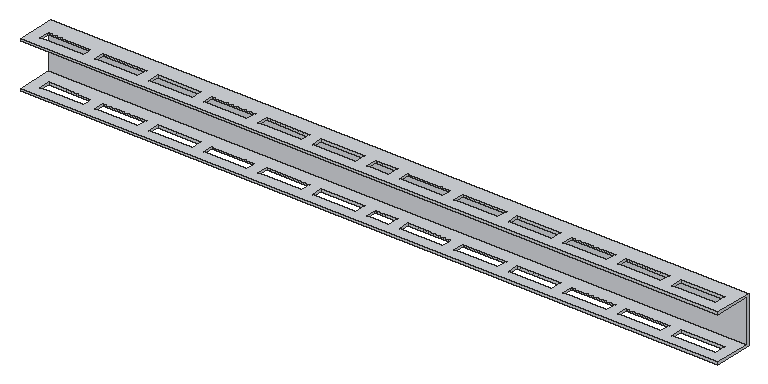
Revit family "Gripple Brackets", category Specialty Equipment, Revit 2017
Family settings
  Round Connector Dimension = Use Diameter
  Part Type = Normal
  Work Plane-Based = Yes
  Always vertical = Yes
  Cut with Voids When Loaded = Yes
  Shared = Yes
  Room Calculation Point = No
Parameters (values of type "PB640")
  Schedule Level [instance] = ""
  Schedule Discipline [instance] = ""
  Schedule Area [instance] = ""
  Go to URL [instance] = "http://www.gripple.co.uk/gb/en/p8/a6/pipe-bracket--quick-twist-system"
  Length = 640 mm
  URL = "http://www.gripple.co.uk/gb/en/p8/a6/pipe-bracket--quick-twist-system"
  Model = "PB640"
  Manufacturer = "Gripple Ltd"
  Default Elevation = 1219.2 mm
  Assembly Code = "PB640"
  -L = -Length / 2  # -320 mm
  +L = Length / 2  # 320 mm
  #slots = 6
Types (11, lengths in mm): name | Length | Model | Assembly Code | -L | +L | #slots
  PB240 | 240 | "PB240" | "PB240" | -120 | 120 | 2
  PB340 | 340 | "PB340" | "PB340" | -170 | 170 | 3
  PB440 | 440 | "PB440" | "PB440" | -220 | 220 | 4
  PB540 | 540 | "PB540" | "PB540" | -270 | 270 | 5
  PB640 | 640 | "PB640" | "PB640" | -320 | 320 | 6
  PB740 | 740 | "PB740" | "PB740" | -370 | 370 | 7
  PB840 | 840 | "PB840" | "PB840" | -420 | 420 | 8
  PB940 | 940 | "PB940" | "PB940" | -470 | 470 | 9
  PB1040 | 1040 | "PB1040" | "PB1040" | -520 | 520 | 10
  PB1140 | 1140 | "PB1140" | "PB1140" | -570 | 570 | 11
  PB1240 | 1240 | "PB1240" | "PB1240" | -620 | 620 | 12
Reference planes
  plane 1 "Center (Front/Back)": y = 0
  plane 2: z = 0
  plane 3 "Center (Left/Right)": x = 0
  plane 4: z = 0
  plane 5: z = -43
  plane 6: x = 320
  plane 7: x = -320
  plane 8: z = -2
  plane 9: z = -41
  plane 10: y = 20
  plane 11: y = -15
  plane 12: y = 18
  plane 13: x = 60
  plane 14: x = 20
  plane 15: x = -20
  plane 16: x = -60
  plane 17: y = 5
  plane 18: y = -5
  plane 19: x = -20
  plane 20: x = -10
  plane 21: x = 10
  plane 22: x = -10
  plane 23: x = 10
  plane 24: z = -21.5
Forms (mm)
  Extrusion 1, solid, detail levels medium+fine
    sketch origin (0, 0, 0) x (0, 1, 0) y (0, 0, 1)
      loop
        line (20, 0) -> (-15, 0) -> (-15, -2) -> (18, -2) -> (18, -41) -> (-15, -41) -> (-15, -43) -> (20, -43) -> (20, 0)
    from 320 <- "+L" to -320 <- "-L"
  Extrusion 2, void
    sketch origin (0, 0, 0) x (1, 0, 0) y (0, 1, 0)
      loop
        line (-60, 5) -> (-60, -5) -> (-20, -5) -> (-20, 5) -> (-60, 5)
    from 0 to -43
  Extrusion 3, void
    sketch origin (30, 0, 0) x (1, 0, 0) y (0, 1, 0)
      loop
        line (-40, 5) -> (-40, -5) -> (-20, -5) -> (-20, 5) -> (-40, 5)
    from 0 to -43
  Extrusion 4, void
    sketch origin (60, 0, 0) x (1, 0, 0) y (0, 1, 0)
      loop
        line (-40, 5) -> (-40, -5) -> (0, -5) -> (0, 5) -> (-40, 5)
    from 0 to -43
  Extrusion 5, void
    sketch origin (-50, 0, 0) x (1, 0, 0) y (0, 1, 0)
      loop
        line (-60, 5) -> (-60, -5) -> (-20, -5) -> (-20, 5) -> (-60, 5)
    from 0 to -43
  Extrusion 6, void
    sketch origin (110, 0, 0) x (1, 0, 0) y (0, 1, 0)
      loop
        line (-40, 5) -> (-40, -5) -> (0, -5) -> (0, 5) -> (-40, 5)
    from 0 to -43
  Extrusion 7, void
    sketch origin (-100, 0, 0) x (1, 0, 0) y (0, 1, 0)
      loop
        line (-60, 5) -> (-60, -5) -> (-20, -5) -> (-20, 5) -> (-60, 5)
    from 0 to -43
  Extrusion 8, void
    sketch origin (-150, 0, 0) x (1, 0, 0) y (0, 1, 0)
      loop
        line (-60, 5) -> (-60, -5) -> (-20, -5) -> (-20, 5) -> (-60, 5)
    from 0 to -43
  Extrusion 9, void
    sketch origin (160, 0, 0) x (1, 0, 0) y (0, 1, 0)
      loop
        line (-40, 5) -> (-40, -5) -> (0, -5) -> (0, 5) -> (-40, 5)
    from 0 to -43
  Extrusion 10, void
    sketch origin (210, 0, 0) x (1, 0, 0) y (0, 1, 0)
      loop
        line (-40, 5) -> (-40, -5) -> (0, -5) -> (0, 5) -> (-40, 5)
    from 0 to -43
  Extrusion 11, void
    sketch origin (-200, 0, 0) x (1, 0, 0) y (0, 1, 0)
      loop
        line (-60, 5) -> (-60, -5) -> (-20, -5) -> (-20, 5) -> (-60, 5)
    from 0 to -43
  Extrusion 12, void
    sketch origin (-250, 0, 0) x (1, 0, 0) y (0, 1, 0)
      loop
        line (-60, 5) -> (-60, -5) -> (-20, -5) -> (-20, 5) -> (-60, 5)
    from 0 to -43
  Extrusion 13, void
    sketch origin (260, 0, 0) x (1, 0, 0) y (0, 1, 0)
      loop
        line (-40, 5) -> (-40, -5) -> (0, -5) -> (0, 5) -> (-40, 5)
    from 0 to -43
  Extrusion 14, void
    sketch origin (310, 0, 0) x (1, 0, 0) y (0, 1, 0)
      loop
        line (-40, 5) -> (-40, -5) -> (0, -5) -> (0, 5) -> (-40, 5)
    from 0 to -43
Cuts and joins
  Extrusion 2, Extrusion 3, Extrusion 4, Extrusion 5, Extrusion 6, Extrusion 7, Extrusion 8, Extrusion 9, Extrusion 10, Extrusion 11, Extrusion 12, Extrusion 13, Extrusion 14 cuts Extrusion 1
Lines and regions (mm)
  model lines, detail levels coarse
    curve 1: line (-320, 0, -21.5) -> (320, 0, -21.5)
Dimensions and locks
  equal spacing: plane 6, plane 3 "Center (Left/Right)", plane 7
  locked: plane 4 to plane 5 at 43
  "Length": plane 6 to plane 7
  locked: plane 9 to plane 5 at 2
  locked: plane 4 to plane 8 at 2
  locked: plane 10 to plane 1 "Center (Front/Back)" at 20
  locked: plane 10 to plane 11 at 35
  locked: plane 10 to plane 12 at 2
  equal spacing: plane 16, plane 3 "Center (Left/Right)", plane 13
  equal spacing: plane 15, plane 3 "Center (Left/Right)", plane 14
  locked: plane 3 "Center (Left/Right)" to plane 14 at 20
  equal spacing: plane 18, plane 1 "Center (Front/Back)", plane 17
  locked: plane 1 "Center (Front/Back)" to plane 17 at 5
  equal spacing: plane 21, plane 3 "Center (Left/Right)", plane 20
  locked: plane 21 to plane 20 at 20
  equal spacing: plane 23, plane 3 "Center (Left/Right)", plane 22
  locked: plane 23 to plane 22 at 20
  plane 1 "Center (Front/Back)" to Extrusion 1 = 15 mm
  equal spacing: plane 4, plane 24, plane 5
  locked: plane 14 to plane 13 at 40
  equal spacing: group 10, group 9, group 6, group 5, group 2, group 1
  equal spacing: group 1, group 2, group 5, group 6, group 9, group 10  (x2)
  equal spacing: group 3, group 4, group 7, group 8, group 11, group 12  (x3)
  locked: plane 16 to plane 19 at 40
  aligned and locked: level to plane 2
  aligned and locked: Extrusion 1 sketch curve to plane 10
  aligned and locked: Extrusion 1 sketch curve to plane 4
  aligned and locked: plane 11 to Extrusion 1 sketch curve  (x2)
  aligned and locked: Extrusion 1 sketch curve to plane 9
  aligned and locked: Extrusion 1 sketch curve to plane 5
  aligned and locked: plane 12 to Extrusion 1 sketch curve
  aligned and locked: Extrusion 1 sketch curve to plane 8
  aligned and locked: plane 6 to curve 1
  aligned and locked: plane 7 to curve 1
  aligned and locked: plane 24 to curve 1
  aligned and locked: level to plane 4
  aligned and locked: level to Extrusion 2
  aligned and locked: plane 5 to Extrusion 2
  aligned and locked: Extrusion 3 to plane 20
  aligned and locked: Extrusion 3 to plane 21
  aligned and locked: plane 14 to Extrusion 4
  aligned and locked: Extrusion 4 to plane 13
  aligned and locked: level to Extrusion 4
  aligned and locked: plane 5 to Extrusion 4
  aligned and locked: level to Extrusion 3
  aligned and locked: plane 5 to Extrusion 3
  aligned and locked: Extrusion 1 to Extrusion 2
  aligned and locked: plane 16 to Extrusion 2
  aligned and locked: Extrusion 2 to plane 15
Automatic sketch dimensions
  Extrusion 2 sketch curve to Extrusion 2 sketch curve = 40 mm
  Extrusion 2 sketch curve to Extrusion 2 sketch curve = 10 mm
  Extrusion 3 sketch curve to plane 18 = 0 mm
  Extrusion 3 sketch curve to plane 20 = 0 mm
  Extrusion 3 sketch curve to plane 21 = 0 mm
  plane 17 to Extrusion 3 sketch curve = 0 mm
  Extrusion 4 sketch curve to Extrusion 4 sketch curve = 40 mm
  Extrusion 5 sketch curve to Extrusion 5 sketch curve = 40 mm
  Extrusion 5 sketch curve to Extrusion 5 sketch curve = 10 mm
  Extrusion 4 sketch curve to Extrusion 4 sketch curve = 10 mm
  Extrusion 6 sketch curve to Extrusion 6 sketch curve = 40 mm
  Extrusion 6 sketch curve to Extrusion 6 sketch curve = 10 mm
  Extrusion 7 sketch curve to Extrusion 7 sketch curve = 40 mm
  Extrusion 7 sketch curve to Extrusion 7 sketch curve = 10 mm
  Extrusion 8 sketch curve to Extrusion 8 sketch curve = 40 mm
  Extrusion 8 sketch curve to Extrusion 8 sketch curve = 10 mm
  Extrusion 9 sketch curve to Extrusion 9 sketch curve = 40 mm
  Extrusion 9 sketch curve to Extrusion 9 sketch curve = 10 mm
  Extrusion 10 sketch curve to Extrusion 10 sketch curve = 40 mm
  Extrusion 10 sketch curve to Extrusion 10 sketch curve = 10 mm
  Extrusion 11 sketch curve to Extrusion 11 sketch curve = 40 mm
  Extrusion 11 sketch curve to Extrusion 11 sketch curve = 10 mm
  Extrusion 12 sketch curve to Extrusion 12 sketch curve = 40 mm
  Extrusion 12 sketch curve to Extrusion 12 sketch curve = 10 mm
  Extrusion 13 sketch curve to Extrusion 13 sketch curve = 40 mm
  Extrusion 13 sketch curve to Extrusion 13 sketch curve = 10 mm
  Extrusion 14 sketch curve to Extrusion 14 sketch curve = 40 mm
  Extrusion 14 sketch curve to Extrusion 14 sketch curve = 10 mm
